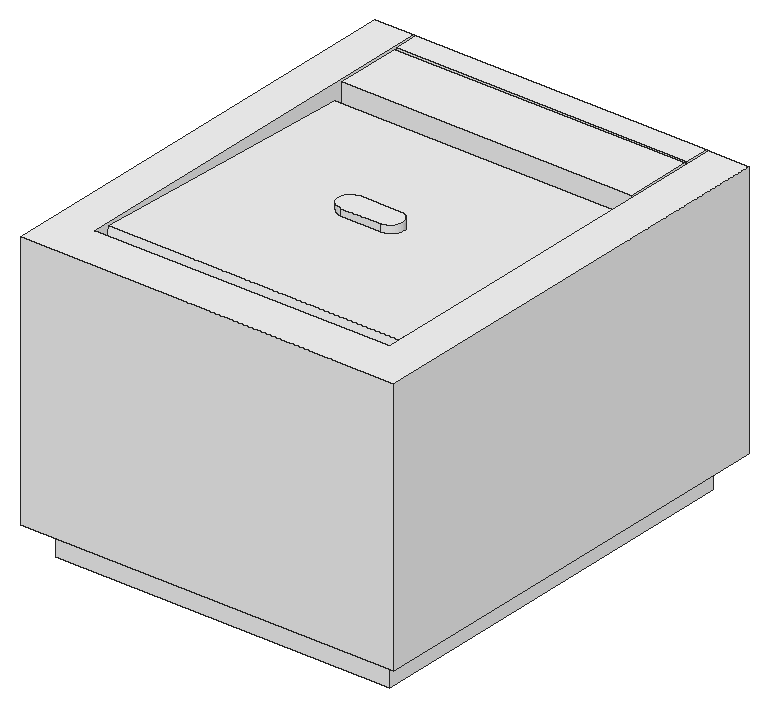
Revit family "Gira_011230", category Electrical Fixtures, host Face, Revit 2017
Family settings
  Host = Face
  Maintain Annotation Orientation = Yes
  Round Connector Dimension = Use Diameter
  Part Type = Normal
  Cut with Voids When Loaded = No
  Shared = No
  Room Calculation Point = No
Parameters (values of type "Wipp-Kontroll Aus 2-p BSF WG AP Grau")
  Zusammenstellung = "Basiselement mit Komplettgehäuse"
  White [instance] = White
  Werkstoffgüte = "sonstige"
  Werkstoff = "sonstige"
  Waschmaschinenschalter = "No"
  URL = "http://katalog.gira.de/de_DE/datenblatt.html?artikelnr=011230"
  Textfeld/Beschriftungsfläche = "ja"
  Tastschalter = "No"
  Schaltungsart = "Schalter 2-polig"
  Rückmeldekontakt = "No"
  Region = "DE"
  Oberfläche = "sonstige"
  Nennspannung = "250 Volt"
  Name = "Wipp-Kontroll Aus 2-p BSF WG AP Grau"
  Montageart = "auf Putz"
  Mit Montageplatte = "No"
  Manufacturer URL = "https://www.gira.de/"
  HeinzeBIM = "https://bimportal.heinze.de/bim/wipp-kontroll-aus-2-p-bsf-wg-ap-grau/f5f86c71e6fbf72fa20576d20ade4c31419bd7c6"
  Halogenfrei = "No"
  HAN = "011230"
  Geeignet für Schutzart (IP) = "IP44"
  GTIN = "4010337112303"
  Farbe = "grau"
  Default Elevation = 1219.2 mm
  Data sheet (1) = "https://katalog.gira.de/de_DE/download.html?artikelnr=011230"
  Category = "Installationsschalter"
  Bemessungsstrom = "10 Ampere"
  Beleuchtungsfunktion = "beleuchtet wenn eingeschaltet"
  Beleuchtungsart = "Glimmlampe"
  Beleuchtung = "ja"
  Befestigungsart = "Schraubbefestigung"
  Bedienungsart = "Wippe/Taste"
  Available = "Yes"
  Anzahl der Module (bei Modulbauweise) = "1 "
  Anzahl der Betätigungswippen = "1 "
  Anschlussart = "Steckklemme"
Reference planes
  plane 1 "Center (Front/Back)": y = 0
  plane 2: z = 0
  plane 3 "Center (Left/Right)": x = 0
  plane 4: x = 30
  plane 5: x = -30
  plane 6: z = 41.4
Forms (mm)
  Extrusion 1, solid, material "White" <- "White", detail levels medium+fine
    sketch origin (0, 0, 0) x (1, 0, 0) y (0, 1, 0)
      loop
        line (-34, 41) -> (-34, -41) -> (34, -41) -> (34, 41) -> (-34, 41)
    from 0 to -6.2
  Extrusion 2, solid, material "White" <- "White", detail levels medium+fine
    sketch origin (0, 0, 0) x (1, 0, 0) y (0, 1, 0)
      loop
        line (-38, 45) -> (-38, -45) -> (38, -45) -> (38, 45) -> (-38, 45)
    from 0 to 52.4
  Extrusion 3, void
    sketch origin (0, 0, 0) x (1, 0, 0) y (0, 0, 1)
      loop
        line (-30, 59.413) -> (-30, 41.4) -> (30, 41.4) -> (30, 59.413) -> (-30, 59.413)
    from 36 to -113.06
  Extrusion 4, solid, material "White" <- "White", detail levels medium
    sketch origin (225, 0, 0) x (1, 0, 0) y (0, 1, 0)
      loop
        line (-254.5, 44.5) -> (-254.5, -35.5) -> (-195.5, -35.5) -> (-195.5, 44.5) -> (-254.5, 44.5)
    from 41.4 to 52.4
  Extrusion 5, solid, material "White" <- "White", detail levels fine
    sketch origin (0, 0, 0) x (1, 0, 0) y (0, 1, 0)
      loop
        line (-29.5, 45) -> (-29.5, 40) -> (29.5, 40) -> (29.5, 45) -> (-29.5, 45)
    from 41.4 to 52.4
  Extrusion 6, solid, material "White" <- "White", detail levels fine
    sketch origin (0, 0, 0) x (1, 0, 0) y (0, 1, 0)
      loop
        line (29.5, 39.5) -> (-29.5, 39.5) -> (-29.5, 26) -> (29.5, 26) -> (29.5, 39.5)
    from 41.4 to 52.4
  Extrusion 7, solid, material "White" <- "White", detail levels fine
    sketch origin (0, 0, 0) x (1, 0, 0) y (0, 1, 0)
      loop
        arc (-4, -1) -> (-6.5, -3.5) -> (-4, -6) r 2.5
        line (-4, -6) -> (4, -6)
        arc (4, -6) -> (6.5, -3.5) -> (4, -1) r 2.5
        line (4, -1) -> (-4, -1)
    from 41.4 to 52.4
  Extrusion 8, solid, material "White" <- "White", detail levels coarse
    sketch origin (0, 0, 0) x (1, 0, 0) y (0, 1, 0)
      loop
        line (-38, 46) -> (-38, -45) -> (38, -45) -> (38, 46) -> (-38, 46)
    from -6.2 to 52.4
  Extrusion 9, solid, material "White" <- "White", detail levels medium+fine
    sketch origin (0, 0, 0) x (1, 0, 0) y (0, 0, 1)
      loop
        circle (0, 14) r 3.6
    from -46 to -45
  Extrusion 10, solid, material "White" <- "White", detail levels fine
    sketch origin (0, 0, 0) x (0, 1, 0) y (0, 0, 1)
      loop
        line (-36, 41.4) -> (26, 41.4) -> (24.38, 49.736) -> (-33.115, 52.169) -> (-36, 41.4)
    from -29.5 to 29.5
Cuts and joins
  Extrusion 3 cuts Extrusion 2
Dimensions and locks
  aligned and locked: plane 2 to host face
  aligned and locked: level to host face
  aligned and locked: plane 3 "Center (Left/Right)" to nested 1
  aligned and locked: plane 1 "Center (Front/Back)" to nested 1
Nested families
  nested 1: "Schalter" at (0, 0, 0), type "Schalter"
Connectors
  electrical at (0, 0, -6.2)
    settings: on Extrusion 1, index 1, voltage 224 V, apparent load 0 VA, apparent load phase1 0 VA, apparent load phase2 0 VA, apparent load phase3 0 VA, power factor 1, load classification "Other", number of poles 1, system type 30, power factor state 1, is connector primary yes, connector utility no, sub classification motor no, connector description ""
Definition of nested family "Schalter"
  Reference planes
    plane 1: y = 0
    plane 2: x = 0
  Lines and regions (mm)
    detail lines
      curve 1: circle (1.375, 2.778, 0) r 0.8 normal (0, 0, 1)
      curve 2: line (1.021, 2.061, 0) -> (0, 0, 0)
      curve 3: line (0, 0, 0) -> (-0.538, 0.266, 0)
  Dimensions and locks
    curve 2 to curve 2 = 2.3 mm
    curve 3 to curve 2 = 0.6 mm
    radius of curve 1 = 0.8 mm
